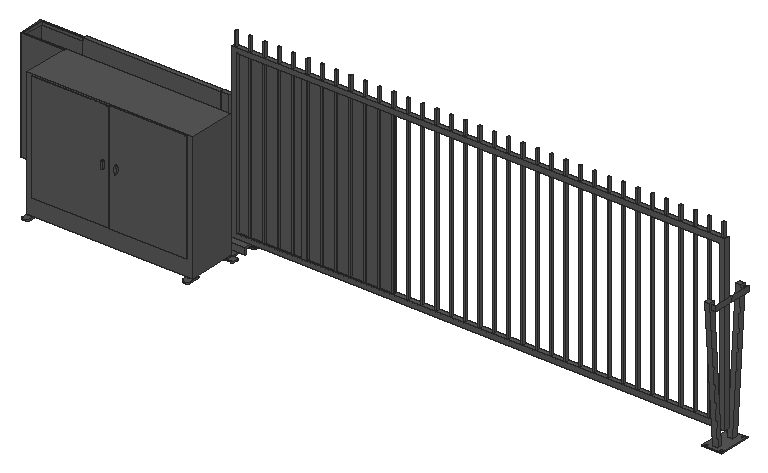
Revit family "1Construction_Fences-&-Traffic-Security_AutoGate_Buckeye-Pivot-Gates", category Specialty Equipment, Revit 2023
Family settings
  Round Connector Dimension = Use Diameter
  Part Type = Normal
  OmniClass Number = 23.25.40.21.21
  OmniClass Title = Gates
  Work Plane-Based = Yes
  Enable Cutting in Views = Yes
  Always vertical = Yes
  Cut with Voids When Loaded = No
  Maintain Annotation Orientation = No
  Shared = No
  Room Calculation Point = No
Parameters (values of type "Buckeye VPG with Finials")
  z_York Pad Clearance [instance] = and(Concrete Pad Min. Clearance, or(Yoke Option = 5, Yoke Option = 6, Yoke Option = 7))  # yes
  z_Yoke Pad 2 [instance] = if(Yoke Option = 5, 9.500", 5.500")  # 5.500"
  z_Yoke Pad 1 [instance] = if(Yoke Option = 5, 3.500", 7.500")  # 7.500"
  z_Vertical Profile Position [instance] = 1.250" + 5 * (z_Distance Between Poles + 0.750")  # 30.33088"
  z_Type Index = 2
  z_Pole Height [instance] = if(z_Type Index = 2, Height - 7.000", Height - 7.500")  # 73.000"
  z_FT Distance = if(z_Type Index = 1, 0.000", 5.500")  # 5.500"
  z_Distance Between Poles [instance] = (Length - 1.250" - 1.750" - 0.750" * (z_No of Poles - 2)) / (z_No of Poles - 1)  # 5.06618"
  z_No of Poles [instance] = rounddown((Length - 0.500" - 1.750") / 5.750") + 1  # 35
  z_Mesh End Position [instance] = 1.250" + 11 * (z_Distance Between Poles + 0.750")  # 65.22794"
  z_DI Finials Visibility = if(z_Type Index = 2, 1 = 1, 1 = 0)  # yes
  Yoke Options Note [instance] = "Hover over to see Yoke Options!\r\n0-None\r\n1-Style A – Post Mounted\r\n2-Style B – Post Mounted\r\n3-Style C – Offset Wall or Post Mounted\r\n4-Style D – Wall or Post Mounted\r\n5-Style DA5 – Pad Mounted\r\n6-Style E – Standard Pad Monted\r\n7-Style F – Gate Perpendicular to Wall\r\n8-Style G – Buried in the Ground\r\n9-Style H – Offset Wall or Post Mount \r\n10-Style Dual Split – Primary Reference – Used on 8” Plus Primary/Secondary Setups\r\n11-Style Dual Split – Secondary Reference – Used on 8” Plus Primary/Secondary Setups\r\n12-Style Dual Center – Used on shorter Primary/Secondary Setups"  # constant formula
  Yoke Option [instance] = 6
  Yoke Material [instance] = AutoGate - Steel - Powder Coated - Black
  Yoke [instance] = if(Yoke Option = 1, "Style A", if(Yoke Option = 2, "Style B", if(Yoke Option = 3, "Style C", if(Yoke Option = 4, "Style D", if(Yoke Option = 5, "Style DA5", if(Yoke Option = 6, "Style E", if(Yoke Option = 7, "Style F", if(Yoke Option = 8, "Style G", if(Yoke Option = 9, "Style H", if(Yoke Option = 10, "Style Dual Split - Primary Reference", if(Yoke Option = 11, "Style Dual Split - Secondary Reference", if(Yoke Option = 12, "Style Dual Center", "None"))))))))))))  # "Style E"
  Voltage [instance] = if([240VAC 1PH 20Amp], 240 V, 120 V)  # 120 V
  Version = 1  # constant formula
  URL = "https://www.autogate.com/"
  Righthand Gate [instance] = not(Lefthand Gate)  # no
  Rated Load Current [instance] = 20 A
  Product data url = "https://www.bimobject.com/en/autogate/product/buckeye-pivot-gates"
  Product Page URL = "https://www.autogate.com/vertical-pivot-gates/"
  Product Documentation Link = "https://www.itwredhead.com/portals/0/fmproductcatalog/documents/products/39/trubolttechnicaldata.pdf"
  Power Option [instance] = if([240VAC 1PH 20Amp], "240VAC 1PH 20Amp", "120VAC 1PH 20Amp")  # "120VAC 1PH 20Amp"
  Power Factor [instance] = 1
  Operator to Yoke Length [instance] = Length - 2.000" - 2.400"  # 195.600"
  Number of Poles [instance] = 1  # constant formula
  Model = if(z_Type Index = 1, "Buckeye - VPG Flat Top", "Buckeye - VPG with Finials")  # "Buckeye - VPG with Finials"
  Lefthand Gate [instance] = yes
  Keynote = "323100"  # constant formula
  Installation instructions = "https://www.itwredhead.com/portals/0/fmproductcatalog/documents/products/95/truboltsubmittal-1.pdf"
  Geometry Note [instance] = "Geometry is generic and used for presentation only. User should contact MFR to create geometry as per wishes and local standards. User should also consult factory for gates over 8’ high as they require special crating and freight arrangements."  # constant formula
  Gate Operator Side Note [instance] = "Hover over to see Gate Operator Side Options!\r\nOptions are:\r\n - Lefthand\r\n - Righthand\r\nPlease Select correct option based on specific situation, for every instance in the project.\r\nHave in mind that left/right side is always defined looking from the Private Side of the gate.\r\nOperator maintenance doors are away in the Private Side."  # constant formula
  Operator Type [instance] = if(Lefthand Gate, "Lefthand VPG2490", "Righthand VPG2490")  # "Lefthand VPG2490"
  Operator Material [instance] = AutoGate - Steel - Powder Coated - Black
  Min Gate Length [instance] = 120.000"  # constant formula
  Min Gate Height [instance] = 48.000"  # constant formula
  Max Gate Length [instance] = 300.000"  # constant formula
  Max Gate Height [instance] = 96.000"  # constant formula
  Length Input [instance] = 200.000"
  Length [instance] = if(Length Input < Min Gate Length, Min Gate Length, if(Length Input > Max Gate Length, Max Gate Length, Length Input))  # 200.000"
  Height Input [instance] = 80.000"
  Height [instance] = if(Height Input < Min Gate Height, Min Gate Height, if(Height Input > Max Gate Height, Max Gate Height, Height Input))  # 80.000"
  Gate Material [instance] = AutoGate - Steel - Powder Coated - Black
  Manufacturer = "AutoGate"  # constant formula
  Fence Post OD Input [instance] = 0.000"
  Fence Post OD [instance] = if(or(Yoke Option = 1, Yoke Option = 2), Fence Post OD Input, 0.000")  # 0.000"
  Description = "Buckeye Vertcal Pivot Gate"  # constant formula
  Default Elevation = 0.000"
  Date Updated = "-"  # constant formula
  Date Created = "2025/09/16"  # constant formula
  Concrete Pad Min. Clearance [instance] = yes
  Barrier Screen Material [instance] = AutoGate - Steel Screen - Powder Coated - Black
  Assembly Code = "G2040100"
  Apparent Load [instance] = 0 VA
  240VAC 1PH 20Amp [instance] = no
  120VAC 1PH 20Amp [instance] = not([240VAC 1PH 20Amp])  # yes
Reference planes (in)
  plane 1 "Center (Front/Back)": y = 0
  plane 2: z = 0
  plane 3 "Center (Left/Right)": x = 0
  plane 4: x = -100
  plane 5: x = 100
  plane 6: z = 5
  plane 7: x = -69.66912
  plane 8: x = 98.625
  plane 9 "delete": z = 90
  plane 10: x = -34.77206
  plane 11: z = -36
  plane 12: y = 9
  plane 13: y = -9
  plane 14: x = 105.5
  plane 15: x = 92.5
  plane 16: y = 9.474
  plane 17: x = -173.5925
  plane 18: x = -91.5925
  plane 19: y = -38.526
  plane 20 "H": z = 80
  plane 21: z = 7
  plane 22: z = 74.5
  plane 23: x = -99.5
  plane 24: x = 98.25
Forms (in)
  Sweep 1, solid, material "AutoGate - Steel - Powder Coated - Black" <- "Gate Material", detail levels medium+fine
    path origin (0, 0, 0) x (1, 0, 0) y (0, 0, 1)
      loop
        line (-69.66912, 72.5) -> (-69.66912, 7)
    profile origin (-69.66912, 0, 39.75) x (0, -1, 0) y (1, 0, 0)
      loop
        line (-1, 0) -> (-1, -2) -> (1, -2) -> (1, 0) -> (-1, 0)
  Extrusion 2, solid, material "AutoGate - Steel Screen - Powder Coated - Black" <- "Barrier Screen Material", detail levels medium+fine
    sketch origin (-116.90053, -180, -36) x (-1, 0, 0) y (0, -1, 0)
      loop
        line (-18.90053, -180) -> (-18.90053, -179.9) -> (-82.12847, -179.9) -> (-82.12847, -180) -> (-18.90053, -180)
    from 43 to 108.5
  Extrusion 3, solid, material "AutoGate - Steel - Powder Coated - Black" <- "Gate Material", detail levels coarse
    sketch origin (-106.3001, 0.375, 48) x (-1, 0, 0) y (0, 0, 1)
      loop
        line (-8.3001, 32) -> (-204.3001, 32) -> (-204.3001, -41) -> (-8.3001, -41) -> (-8.3001, 32)
    from -0.75 to 0
  Sweep 4, solid, material "AutoGate - Steel - Powder Coated - Black" <- "Gate Material"
    path origin (-106.3001, 0.375, 48) x (-1, 0, 0) y (0, 0, 1)
      loop
        line (-6.3001, 26.5) -> (-206.3001, 26.5) -> (-206.3001, -43) -> (-6.3001, -43) -> (-6.3001, 26.5)
    profile origin (0, 0.375, 74.5) x (0, 0, -1) y (0, 1, 0)
      loop
        line (0, -1.375) -> (2, -1.375) -> (2, 0.625) -> (0, 0.625) -> (0, -1.375)
Lines and regions (in)
  Masking region 1
    outline origin (-116.90053, -180, -36) x (-1, 0, 0) y (0, -1, 0)
      loop
        line (-216.90053, -181) -> (-16.90053, -181) -> (-16.90053, -179) -> (-216.90053, -179) -> (-216.90053, -181)
  Masking region 2, visible <- "z_DI Finials Visibility", detail levels coarse
    outline origin (-116.90053, -180, -36) x (-1, 0, 0) y (0, -1, 0)
      loop
        line (-17.40053, -180.375) -> (-17.40053, -179.625) -> (-215.90053, -179.625) -> (-215.90053, -180.375) -> (-17.40053, -180.375)
  model lines, style "AutoGate_Concrete Pad Clearance", visible <- "z_York Pad Clearance"
    curve 1: line (105.5, 9, 0) -> (92.5, 9, 0)
    curve 2: line (105.5, -9, 0) -> (105.5, 9, 0)
    curve 3: line (92.5, -9, 0) -> (105.5, -9, 0)
    curve 4: line (92.5, 9, 0) -> (92.5, -9, 0)
    curve 13: line (105.5, 9, -36) -> (92.5, 9, -36)
    curve 14: line (92.5, 9, -36) -> (92.5, -9, -36)
    curve 15: line (92.5, -9, -36) -> (105.5, -9, -36)
    curve 16: line (105.5, -9, -36) -> (105.5, 9, -36)
    curve 21: line (92.5, 9, 0) -> (92.5, 9, -36)
    curve 22: line (92.5, -9, -36) -> (92.5, -9, 0)
    curve 23: line (105.5, 9, 0) -> (105.5, 9, -36)
    curve 24: line (105.5, -9, -36) -> (105.5, -9, 0)
  model lines, style "AutoGate_Concrete Pad Clearance", visible <- "Concrete Pad Min. Clearance"
    curve 5: line (-91.5925, 9.474, 0) -> (-173.5925, 9.474, 0)
    curve 6: line (-173.5925, -38.526, 0) -> (-173.5925, 9.474, 0)
    curve 7: line (-91.5925, -38.526, 0) -> (-173.5925, -38.526, 0)
    curve 8: line (-91.5925, 9.474, 0) -> (-91.5925, -38.526, 0)
    curve 9: line (-91.5925, 9.474, -36) -> (-173.5925, 9.474, -36)
    curve 10: line (-173.5925, -38.526, -36) -> (-173.5925, 9.474, -36)
    curve 11: line (-91.5925, -38.526, -36) -> (-173.5925, -38.526, -36)
    curve 12: line (-91.5925, 9.474, -36) -> (-91.5925, -38.526, -36)
    curve 17: line (-173.5925, 9.474, 0) -> (-173.5925, 9.474, -36)
    curve 18: line (-173.5925, -38.526, 0) -> (-173.5925, -38.526, -36)
    curve 19: line (-91.5925, -38.526, 0) -> (-91.5925, -38.526, -36)
    curve 20: line (-91.5925, 9.474, 0) -> (-91.5925, 9.474, -36)
Dimensions and locks (in)
  equal spacing: plane 5, plane 3 "Center (Left/Right)", plane 4
  "Length": plane 5 to plane 4
  locked: plane 6 to plane 2 at 5
  "z_Vertical Profile Position": plane 7 to plane 4
  "z_Mesh End Position": plane 4 to plane 10
  locked: nested 2 to plane 1 "Center (Front/Back)" at 0.021
  nested 2 to nested 2 = 17.500"
  plane 2 to plane 11 = 36.000"
  locked: plane 16 to nested 2 at 3
  locked: plane 19 to plane 16 at 48
  locked: plane 17 to plane 18 at 82
  locked: plane 4 to plane 18 at 8.4075
  "z_Yoke Pad 1": plane 15 to plane 5
  "z_Yoke Pad 2": plane 5 to plane 14
  curve 3 to plane 1 "Center (Front/Back)" to curve 1 = 9.000" locked, 9.000" locked
  "Height": plane 20 "H" to plane 2
  locked: Extrusion 3 sketch curve to plane 4 at 2
  locked: plane 5 to Extrusion 3 sketch curve at 2
  Extrusion 3 to plane 1 "Center (Front/Back)" to Extrusion 3 = 0.375" locked, 0.375" locked
  locked: plane 1 "Center (Front/Back)" to Extrusion 2 sketch curve at 0.1
  locked: plane 21 to plane 2 at 7
  "z_FT Distance": plane 20 "H" to plane 22
  locked: plane 4 to Extrusion 2 sketch curve at 2
  locked: plane 22 to Extrusion 2 at 2
  locked: plane 22 to Sweep 1 sketch curve at 2
  locked: plane 4 to nested 2 at 2.4075
  locked: plane 4 to plane 23 at 0.5
  locked: plane 24 to plane 5 at 1.75
  equal spacing: group 1, group 3, group 4, group 5, group 6, group 7, group 8, group 9, group 10, group 11, group 12, group 13, group 14, group 15, group 16, group 17, group 18, group 19, group 20, group 21, group 22, group 23, group 24, group 25, group 26, group 27, group 28, group 29, group 30, group 31, group 32, group 33, group 34, group 69, group 2  (x3)
  locked: plane 4 to nested 37 at 0.5
  equal spacing: group 35, group 37, group 38, group 39, group 40, group 41, group 42, group 43, group 44, group 45, group 46, group 47, group 48, group 49, group 50, group 51, group 52, group 53, group 54, group 55, group 56, group 57, group 58, group 59, group 60, group 61, group 62, group 63, group 64, group 65, group 66, group 67, group 68, group 70, group 36  (x3)
  locked: nested 38 to plane 5 at 1
  locked: Masking region 2 sketch curve to plane 5 at 1
  locked: plane 4 to Masking region 2 sketch curve at 0.5
  aligned and locked: level to plane 2
  aligned and locked: plane 7 to Sweep 1 sketch curve
  aligned and locked: plane 1 "Center (Front/Back)" to nested 1
  aligned and locked: nested 1 to plane 5
  aligned and locked: nested 1 to plane 2
  aligned and locked: curve 2 to plane 14
  aligned and locked: curve 4 to plane 15
  aligned and locked: curve 5 to plane 16
  aligned and locked: curve 6 to plane 17
  aligned and locked: curve 7 to plane 19
  aligned and locked: curve 8 to plane 18
  aligned and locked: curve 9 to curve 5
  aligned and locked: curve 10 to plane 17
  aligned and locked: curve 11 to plane 19
  aligned and locked: curve 12 to plane 18
  aligned and locked: curve 13 to curve 1
  aligned and locked: curve 14 to curve 4
  aligned and locked: curve 15 to curve 3
  aligned and locked: curve 16 to curve 2
  aligned and locked: curve 17 to plane 16
  aligned and locked: curve 18 to plane 19
  aligned and locked: plane 19 to curve 19
  aligned and locked: plane 16 to curve 20
  aligned and locked: plane 12 to curve 21
  aligned and locked: curve 22 to plane 13
  aligned and locked: curve 23 to plane 12
  aligned and locked: curve 24 to plane 13
  aligned and locked: plane 10 to Extrusion 2
  aligned and locked: Sweep 4 sketch curve to plane 6
  aligned and locked: plane 4 to Sweep 4 sketch curve
  aligned and locked: Sweep 4 sketch curve to plane 5
  aligned and locked: plane 2 to nested 2
  aligned and locked: Extrusion 3 sketch curve to plane 21
  aligned and locked: Masking region 1 sketch curve to plane 4
  aligned and locked: plane 5 to Masking region 1 sketch curve
  aligned and locked: Sweep 4 sketch curve to plane 22
  aligned and locked: Extrusion 2 sketch curve to plane 10
  aligned and locked: plane 21 to Extrusion 2
  aligned and locked: plane 21 to Sweep 1 sketch curve
  aligned and locked: plane 1 "Center (Front/Back)" to nested 3
  aligned and locked: nested 3 to plane 21
  aligned and locked: nested 3 to plane 23
  aligned and locked: plane 1 "Center (Front/Back)" to nested 37
  aligned and locked: plane 1 "Center (Front/Back)" to nested 38
  aligned and locked: plane 24 to nested 4
  aligned and locked: nested 4 to plane 21
  aligned and locked: Extrusion 3 sketch curve to plane 20 "H"
Automatic sketch dimensions
  Sweep 1 sketch curve to profile plane = 0.000"
  Sweep 1 sketch curve to plane 1 "Center (Front/Back)" = 1.000"
  plane 1 "Center (Front/Back)" to Sweep 1 sketch curve = 1.000"
  Sweep 1 sketch curve to Sweep 1 sketch curve = 2.000"
  curve 17 to plane 11 = 0.000"
  curve 18 to plane 11 = 0.000"
  curve 18 to level = 0.000"
  curve 17 to level = 0.000"
  curve 19 to plane 11 = 0.000"
  curve 20 to plane 11 = 0.000"
  curve 20 to level = 0.000"
  curve 19 to level = 0.000"
  curve 21 to plane 11 = 0.000"
  curve 22 to plane 11 = 0.000"
  curve 22 to level = 0.000"
  curve 21 to level = 0.000"
  curve 23 to plane 11 = 0.000"
  curve 24 to plane 11 = 0.000"
  curve 24 to level = 0.000"
  curve 23 to level = 0.000"
  Extrusion 2 sketch curve to plane 1 "Center (Front/Back)" = 0.000"
  Sweep 4 sketch curve to profile plane = 0.000"
  Sweep 4 sketch curve to profile plane = 2.000"
  Sweep 4 sketch curve to profile plane = 1.375"
  profile plane to Sweep 4 sketch curve = 0.625"
  Masking region 1 sketch curve to plane 1 "Center (Front/Back)" = 1.000"
  plane 1 "Center (Front/Back)" to Masking region 1 sketch curve = 1.000"
  Masking region 2 sketch curve to plane 1 "Center (Front/Back)" = 0.375"
  plane 1 "Center (Front/Back)" to Masking region 2 sketch curve = 0.375"
Nested families (in)
  nested 1: "Yoke" at (100, 0, 0), Fence Post O.D. Input <- "Fence Post OD", type "Yoke"
    with Halfback Out Dia 6.250", Halfback Offset 3.000", Halfback Length B 8.094", Halfback Length A 7.500", Halfback Dia 6.000", Fence Post O.D. Input 0.000", Fence Height 80.000"
  nested 2: "Gate Operator" at (-97.5925, -23.956, 0), type "Gate Operator"
    with z_Std Gate Guard no, z_NonStd Gate Guard yes, Gate Height 80.000", Gate Guard 17.500"
  nested 3: "Pole" at (-99.5, 0, 7), type "Pole"
    with Height 73.000"
  nested 4: "Pole" at (98.25, 0, 7), type "Pole"
    with Height 73.000"
  nested 5: "Pole" at (-93.68382, 0, 7), type "Pole"
    with Height 73.000"
  nested 6: "Pole" at (-87.86765, 0, 7), type "Pole"
    with Height 73.000"
  nested 7: "Pole" at (-82.05147, 0, 7), type "Pole"
    with Height 73.000"
  nested 8: "Pole" at (-76.23529, 0, 7), type "Pole"
    with Height 73.000"
  nested 9: "Pole" at (-70.41912, 0, 7), type "Pole"
    with Height 73.000"
  nested 10: "Pole" at (-64.60294, 0, 7), type "Pole"
    with Height 73.000"
  nested 11: "Pole" at (-58.78676, 0, 7), type "Pole"
    with Height 73.000"
  nested 12: "Pole" at (-52.97059, 0, 7), type "Pole"
    with Height 73.000"
  nested 13: "Pole" at (-47.15441, 0, 7), type "Pole"
    with Height 73.000"
  nested 14: "Pole" at (-41.33824, 0, 7), type "Pole"
    with Height 73.000"
  nested 15: "Pole" at (-35.52206, 0, 7), type "Pole"
    with Height 73.000"
  nested 16: "Pole" at (-29.70588, 0, 7), type "Pole"
    with Height 73.000"
  nested 17: "Pole" at (-23.88971, 0, 7), type "Pole"
    with Height 73.000"
  nested 18: "Pole" at (-18.07353, 0, 7), type "Pole"
    with Height 73.000"
  nested 19: "Pole" at (-12.25735, 0, 7), type "Pole"
    with Height 73.000"
  nested 20: "Pole" at (-6.44118, 0, 7), type "Pole"
    with Height 73.000"
  nested 21: "Pole" at (-0.625, 0, 7), type "Pole"
    with Height 73.000"
  nested 22: "Pole" at (5.19118, 0, 7), type "Pole"
    with Height 73.000"
  nested 23: "Pole" at (11.00735, 0, 7), type "Pole"
    with Height 73.000"
  nested 24: "Pole" at (16.82353, 0, 7), type "Pole"
    with Height 73.000"
  nested 25: "Pole" at (22.63971, 0, 7), type "Pole"
    with Height 73.000"
  nested 26: "Pole" at (28.45588, 0, 7), type "Pole"
    with Height 73.000"
  nested 27: "Pole" at (34.27206, 0, 7), type "Pole"
    with Height 73.000"
  nested 28: "Pole" at (40.08824, 0, 7), type "Pole"
    with Height 73.000"
  nested 29: "Pole" at (45.90441, 0, 7), type "Pole"
    with Height 73.000"
  nested 30: "Pole" at (51.72059, 0, 7), type "Pole"
    with Height 73.000"
  nested 31: "Pole" at (57.53676, 0, 7), type "Pole"
    with Height 73.000"
  nested 32: "Pole" at (63.35294, 0, 7), type "Pole"
    with Height 73.000"
  nested 33: "Pole" at (69.16912, 0, 7), type "Pole"
    with Height 73.000"
  nested 34: "Pole" at (74.98529, 0, 7), type "Pole"
    with Height 73.000"
  nested 35: "Pole" at (80.80147, 0, 7), type "Pole"
    with Height 73.000"
  nested 36: "Pole" at (86.61765, 0, 7), type "Pole"
    with Height 73.000"
  nested 37: "DI" at (-99.5, 0, -36), type "DI", detail levels medium+fine
  nested 38: "DI" at (98.25, 0, -36), type "DI", detail levels medium+fine
  nested 39: "DI" at (-93.68382, 0, -36), type "DI", detail levels medium+fine
  nested 40: "DI" at (-87.86765, 0, -36), type "DI", detail levels medium+fine
  nested 41: "DI" at (-82.05147, 0, -36), type "DI", detail levels medium+fine
  nested 42: "DI" at (-76.23529, 0, -36), type "DI", detail levels medium+fine
  nested 43: "DI" at (-70.41912, 0, -36), type "DI", detail levels medium+fine
  nested 44: "DI" at (-64.60294, 0, -36), type "DI", detail levels medium+fine
  nested 45: "DI" at (-58.78676, 0, -36), type "DI", detail levels medium+fine
  nested 46: "DI" at (-52.97059, 0, -36), type "DI", detail levels medium+fine
  nested 47: "DI" at (-47.15441, 0, -36), type "DI", detail levels medium+fine
  nested 48: "DI" at (-41.33824, 0, -36), type "DI", detail levels medium+fine
  nested 49: "DI" at (-35.52206, 0, -36), type "DI", detail levels medium+fine
  nested 50: "DI" at (-29.70588, 0, -36), type "DI", detail levels medium+fine
  nested 51: "DI" at (-23.88971, 0, -36), type "DI", detail levels medium+fine
  nested 52: "DI" at (-18.07353, 0, -36), type "DI", detail levels medium+fine
  nested 53: "DI" at (-12.25735, 0, -36), type "DI", detail levels medium+fine
  nested 54: "DI" at (-6.44118, 0, -36), type "DI", detail levels medium+fine
  nested 55: "DI" at (-0.625, 0, -36), type "DI", detail levels medium+fine
  nested 56: "DI" at (5.19118, 0, -36), type "DI", detail levels medium+fine
  nested 57: "DI" at (11.00735, 0, -36), type "DI", detail levels medium+fine
  nested 58: "DI" at (16.82353, 0, -36), type "DI", detail levels medium+fine
  nested 59: "DI" at (22.63971, 0, -36), type "DI", detail levels medium+fine
  nested 60: "DI" at (28.45588, 0, -36), type "DI", detail levels medium+fine
  nested 61: "DI" at (34.27206, 0, -36), type "DI", detail levels medium+fine
  nested 62: "DI" at (40.08824, 0, -36), type "DI", detail levels medium+fine
  nested 63: "DI" at (45.90441, 0, -36), type "DI", detail levels medium+fine
  nested 64: "DI" at (51.72059, 0, -36), type "DI", detail levels medium+fine
  nested 65: "DI" at (57.53676, 0, -36), type "DI", detail levels medium+fine
  nested 66: "DI" at (63.35294, 0, -36), type "DI", detail levels medium+fine
  nested 67: "DI" at (69.16912, 0, -36), type "DI", detail levels medium+fine
  nested 68: "DI" at (74.98529, 0, -36), type "DI", detail levels medium+fine
  nested 69: "DI" at (80.80147, 0, -36), type "DI", detail levels medium+fine
  nested 70: "DI" at (86.61765, 0, -36), type "DI", detail levels medium+fine
  nested 71: "Pole" at (92.43382, 0, 7), type "Pole"
    with Height 73.000"
  nested 72: "DI" at (92.43382, 0, -36), type "DI", detail levels medium+fine
Connectors (in)
  electrical at (-164.7675, -14.206, 26.4637), driven by "Number of Poles", driven by "Voltage", driven by "Power Factor", driven by "Apparent Load"
    settings: on nested 2, index 1, voltage 120 V, apparent load 0 VA, apparent load phase1 0 VA, apparent load phase2 0 VA, apparent load phase3 0 VA, power factor 1, load classification "Power", number of poles 1, system type 31, power factor state 1, is connector primary yes, connector utility no, sub classification motor no, connector description "Power"
Definition of nested family "Yoke"
  Parameters (values of type "Yoke")
    Void Bottom G = if(Type_Index = 8, 0.000", 3.000")  # 3.000"
    Void E_F_G = if(or(Type_Index = 6, Type_Index = 7, Type_Index = 8, Type_Index = 6), 0.250", 0.000")  # 0.250"
    Void DA5 = if(Type_Index = 5, 0.250", 0.000")  # 0.000"
    Void D = if(Type_Index = 4, 2.500", 1.000")  # 1.000"
    Void Bottom = if(or(Type_Index = 6, Type_Index = 7, Type_Index = 8), 4.000", if(Type_Index = 8, 2.000", 0.000"))  # 4.000"
    Top Br Offset B_F = if(Type_Index = 7, 5.131", 5.250")  # 5.250"
    Top Br B_F = if(or(Type_Index = 2, Type_Index = 7), 1 = 1, 1 = 0)  # no
    Top Br A_D_DA5_E_G = if(or(Type_Index = 1, Type_Index = 4, Type_Index = 5, Type_Index = 6, Type_Index = 8), 1 = 1, 1 = 0)  # yes
    Post R-F = if(Type_Index = 7, 1 = 1, 1 = 0)  # no
    Post R = if(or(Type_Index = 1, Type_Index = 4, Type_Index = 5, Type_Index = 6, Type_Index = 8), 1 = 1, 1 = 0)  # yes
    Halfback Out Dia [instance] = if(A, Halfback Dia + 0.220", Halfback Dia + 0.250")  # 6.250"
    H = if(Type_Index = 9, 1 = 1, 1 = 0)  # no
    Post L = if(or(Type_Index = 0, Type_Index = 10, Type_Index > 9), 1 = 0, 1 = 1)  # yes
    Halfback Length B [instance] = Halfback Dia + 2.094"  # 8.094"
    Halfback Length A [instance] = Halfback Dia + 1.500"  # 7.500"
    G = if(Type_Index = 8, 1 = 1, 1 = 0)  # no
    F = if(Type_Index = 7, 1 = 1, 1 = 0)  # no
    E = if(Type_Index = 6, 1 = 1, 1 = 0)  # yes
    DS_P = if(Type_Index = 11, 1 = 1, 1 = 0)  # no
    DS_S = if(Type_Index = 10, 1 = 1, 1 = 0)  # no
    DC_DS = or(DS_S, DC, DS_P)  # no
    DC = if(Type_Index = 12, 1 = 1, 1 = 0)  # no
    B = if(Type_Index = 2, 1 = 1, 1 = 0)  # no
    Halfback Offset [instance] = Halfback Dia / 2  # 3.000"
    A = if(Type_Index = 1, 1 = 1, 1 = 0)  # no
    DA5 = if(Type_Index = 5, 1 = 1, 1 = 0)  # no
    Bottom Plate Offset = if(Type_Index = 5, 1.000", if(or(Type_Index = 6, Type_Index = 7), 5.000", 0.000"))  # 5.000"
    Bottom Plate = if(or(Type_Index = 5, Type_Index = 6, Type_Index = 7), 1 = 1, 1 = 0)  # yes
    C = if(Type_Index = 3, 1 = 1, 1 = 0)  # no
    Bottom Br A_D_DA5 = if(or(Type_Index = 1, Type_Index = 4, Type_Index = 5), 1 = 1, 1 = 0)  # no
    Halfback Dia [instance] = if(and(A, Fence Post O.D. Input < 2.000"), 2.000", if(and(A, Fence Post O.D. Input > 8.000"), 8.000", if(A, Fence Post O.D. Input, if(and(B, Fence Post O.D. Input < 2.000"), 2.020", if(and(B, Fence Post O.D. Input > 8.000"), 8.020", if(B, Fence Post O.D. Input + 0.020", 6.000"))))))  # 6.000"
    Type_Index = 6
    Material = none
    Fence Post O.D. Input [instance] = 0.000"
    Fence Height = 84.000"
    Default Elevation = 0.000"
  Reference planes (in)
    plane 1 "Center (Front/Back)": y = 0
    plane 2: z = 0
    plane 3 "Center (Left/Right)": x = 0
    plane 4: z = 54.5
    plane 5: x = -2
    plane 6: z = 0.25
    plane 7: x = -4
    plane 8: x = -6
    plane 9: z = 54
    plane 10: z = 52
    plane 11: y = -8.25
    plane 12: y = 8.25
    plane 13: x = 2
    plane 14: z = 9
    plane 15: z = 11
    plane 16: y = -5.25
    plane 17: y = 5.25
    plane 18: x = 5
    plane 19: y = 3.75
    plane 20: y = -3.75
    plane 21: z = 54.125
    plane 22: z = 51.875
    plane 23: z = 11.125
    plane 24: z = 8.875
    plane 25: y = -4.949
    plane 26: x = 1.5
    plane 27: x = 1.75
    plane 28: y = 8.25
    plane 29: x = 4.047
    plane 30: x = -4.047
    plane 31: x = 1
    plane 32: x = 2
    plane 33: x = 4
    plane 34: x = 2.875
    plane 35: x = 3.125
    plane 36: z = 0
    plane 37: z = -0.25
    plane 38: x = -5
    plane 39: z = 0.25
    plane 40: z = 0
    plane 41: z = 0.5
    plane 42: x = -3
    plane 43: x = -5
    plane 44: z = -36
    plane 45: z = 5
    plane 46: z = 44.5
    plane 47: z = 84
    plane 48: z = 35.69506
    plane 49: z = 33.29506
    plane 50: z = 53.30494
    plane 51: z = 55.70494
    plane 52: z = 62.5
    plane 53: z = 26.5
    plane 54: z = 12.875
    plane 55: z = 76.125
  Forms (in)
    Extrusion 1, solid, material <- "Material", visible <- "Post L"
      sketch origin (0, 0, 0) x (0, 1, 0) y (0, 0, 1)
        loop
          line (-6.73765, 54.5) -> (-8.73277, 54.36049) -> (-4.949, 0.25) -> (-2.94412, 0.25) -> (-6.73765, 54.5)
      from -2 to 0
    Extrusion 2, solid, material <- "Material", visible <- "Post R"
      sketch origin (0, 0, 0) x (0, -1, 0) y (0, 0, -1)
        loop
          line (-6.73808, -54.5) -> (-2.94455, -0.25) -> (-4.94944, -0.25) -> (-8.73321, -54.36049) -> (-6.73808, -54.5)
      from -2 to 0
    Extrusion 3, void
      sketch origin (0, 0, 0) x (0, 1, 0) y (0, 0, 1)
        loop
          line (-3.28646, 5.13951) -> (-5.28159, 5) -> (-5.28159, 0) -> (5.28159, 0) -> (5.28159, 5) -> (3.28646, 5.13951) -> (-3.28646, 5.13951)
      from -4 to -6
    Extrusion 4, solid, material <- "Material", visible <- "Top Br A_D_DA5_E_G"
      sketch origin (0, 0, 0) x (1, 0, 0) y (0, 1, 0)
        loop
          line (0, -8) -> (0, -8.25) -> (2, -8.25) -> (2, 0) -> (2, 8.25) -> (0, 8.25) -> (0, 8) -> (1.75, 8) -> (1.75, 0) -> (1.75, -8) -> (0, -8)
      from 52 to 54
    Extrusion 5, solid, material <- "Material", visible <- "Bottom Br A_D_DA5"
      sketch origin (0, 0, 0) x (1, 0, 0) y (0, 1, 0)
        loop
          line (0, -5) -> (0, -5.25) -> (2, -5.25) -> (2, 0) -> (2, 5.25) -> (0, 5.25) -> (0, 5) -> (1.75, 5) -> (1.75, 0) -> (1.75, -5) -> (0, -5)
      from 9 to 11
    Extrusion 6, solid, material <- "Material", visible <- "A"
      sketch origin (0, 0, 0) x (1, 0, 0) y (0, 1, 0)
        loop
          line (4.72637, 2.9766) -> (4.72637, 3.75) -> (4.63262, 3.75) -> (4.63262, 3.0898)
          arc (4.63262, 3.0898) -> (1.97537, 0) -> (4.63262, -3.0898) r 3.125
          line (4.63262, -3.0898) -> (4.63262, -3.75) -> (4.72637, -3.75) -> (4.72637, -2.9766)
          arc (4.72637, -2.9766) -> (2.10037, 0) -> (4.72637, 2.9766) r 3
        loop
          line (5.27363, -2.9766) -> (5.27363, -3.75) -> (5.36738, -3.75) -> (5.36738, -3.0898)
          arc (5.36738, -3.0898) -> (8.02463, 0) -> (5.36738, 3.0898) r 3.125
          line (5.36738, 3.0898) -> (5.36738, 3.75) -> (5.27363, 3.75) -> (5.27363, 2.9766)
          arc (5.27363, 2.9766) -> (7.89963, 0) -> (5.27363, -2.9766) r 3
      from 51.875 to 54.125
    Extrusion 7, solid, material <- "Material", visible <- "A"
      sketch origin (0, 0, -20) x (1, 0, 0) y (0, 1, 0)
        loop
          line (4.72637, 2.9766) -> (4.72637, 3.75) -> (4.63262, 3.75) -> (4.63262, 3.0898)
          arc (4.63262, 3.0898) -> (1.97537, 0) -> (4.63262, -3.0898) r 3.125
          line (4.63262, -3.0898) -> (4.63262, -3.75) -> (4.72637, -3.75) -> (4.72637, -2.9766)
          arc (4.72637, -2.9766) -> (2.10037, 0) -> (4.72637, 2.9766) r 3
        loop
          line (5.27363, -2.9766) -> (5.27363, -3.75) -> (5.36738, -3.75) -> (5.36738, -3.0898)
          arc (5.36738, -3.0898) -> (8.02463, 0) -> (5.36738, 3.0898) r 3.125
          line (5.36738, 3.0898) -> (5.36738, 3.75) -> (5.27363, 3.75) -> (5.27363, 2.9766)
          arc (5.27363, 2.9766) -> (7.89963, 0) -> (5.27363, -2.9766) r 3
      from 28.875 to 31.125
    Extrusion 8, solid, material <- "Material", visible <- "B"
      sketch origin (0, 0, 0) x (0, 1, 0) y (0, 0, 1)
        loop
          line (-1, 54) -> (-1, 9) -> (1, 9) -> (1, 54) -> (-1, 54)
      from 1.5 to 1.75
    Extrusion 9, solid, material <- "Material", visible <- "Top Br B_F"
      sketch origin (0, 0, 0) x (1, 0, 0) y (0, 1, 0)
        loop
          line (0, -7.24946) -> (2, -7.24946) -> (2, 5.25) -> (0, 5.25) -> (0, 5) -> (1.75, 5) -> (1.75, -6.99946) -> (0, -6.99946) -> (0, -7.24946)
      from 52 to 54
    Extrusion 10, solid, material <- "Material", visible <- "B"
      sketch origin (0, 0, 0) x (1, 0, 0) y (0, 1, 0)
        loop
          line (0, -5.25) -> (2, -5.25) -> (2, 5.25) -> (0, 5.25) -> (0, 5) -> (1.75, 5) -> (1.75, -5) -> (0, -5) -> (0, -5.25)
      from 9 to 11
    Extrusion 11, solid, material <- "Material", visible <- "B"
      sketch origin (0, 0, 0) x (1, 0, 0) y (0, 1, 0)
        loop
          arc (3.06198, 8.74037) -> (0, 11.24094) -> (-3.06198, 8.74037) r 3.125
          line (-3.06198, 8.74037) -> (-4.047, 8.74037) -> (-4.047, 8.61537) -> (-2.95814, 8.61537)
          arc (-2.95814, 8.61537) -> (0, 11.11594) -> (2.95814, 8.61537) r 3
          line (2.95814, 8.61537) -> (4.047, 8.61537) -> (4.047, 8.74037) -> (3.06198, 8.74037)
        loop
          arc (-3.06176, 7.75963) -> (0, 5.26014) -> (3.06176, 7.75963) r 3.125
          line (3.06176, 7.75963) -> (4.047, 7.75963) -> (4.047, 7.88463) -> (2.95795, 7.88463)
          arc (2.95795, 7.88463) -> (0, 5.38514) -> (-2.95795, 7.88463) r 3
          line (-2.95795, 7.88463) -> (-4.047, 7.88463) -> (-4.047, 7.75963) -> (-3.06176, 7.75963)
      from 51.875 to 54.125
    Extrusion 12, solid, material <- "Material", visible <- "B"
      sketch origin (0, 0, 0) x (1, 0, 0) y (0, 1, 0)
        loop
          arc (3.06198, 8.74037) -> (0, 11.24094) -> (-3.06198, 8.74037) r 3.125
          line (-3.06198, 8.74037) -> (-4.047, 8.74037) -> (-4.047, 8.61537) -> (-2.95814, 8.61537)
          arc (-2.95814, 8.61537) -> (0, 11.11594) -> (2.95814, 8.61537) r 3
          line (2.95814, 8.61537) -> (4.047, 8.61537) -> (4.047, 8.74037) -> (3.06198, 8.74037)
        loop
          arc (-3.06176, 7.75963) -> (0, 5.26014) -> (3.06176, 7.75963) r 3.125
          line (3.06176, 7.75963) -> (4.047, 7.75963) -> (4.047, 7.88463) -> (2.95795, 7.88463)
          arc (2.95795, 7.88463) -> (0, 5.38514) -> (-2.95795, 7.88463) r 3
          line (-2.95795, 7.88463) -> (-4.047, 7.88463) -> (-4.047, 7.75963) -> (-3.06176, 7.75963)
      from 8.875 to 11.125
    Extrusion 13, void
      sketch origin (0, 0, 0) x (0, 1, 0) y (0, 0, 1)
        loop
          circle (-0.49956, 53.5) r 0.1405
        loop
          circle (0.50044, 52.5) r 0.1405
        loop
          circle (-0.49956, 10.5) r 0.1405
        loop
          circle (0.50044, 9.5) r 0.1405
      from 0 to 1
    Extrusion 14, solid, material <- "Material", visible <- "DA5"
      sketch origin (0, 0, 0) x (0, 1, 0) y (0, 0, 1)
        loop
          line (-6.73765, 54.5) -> (-8.73277, 54.36049) -> (-5.28115, 5.00003) -> (-3.28603, 5.13954) -> (-6.73765, 54.5)
        loop
          line (6.73765, 54.5) -> (3.28603, 5.13954) -> (5.28115, 5.00003) -> (8.73277, 54.36049) -> (6.73765, 54.5)
      from 2 to 4
    Extrusion 15, solid, material <- "Material", visible <- "DA5"
      sketch origin (0, 0, 0) x (1, 0, 0) y (0, 1, 0)
        loop
          line (2, -8) -> (0.25, -8) -> (0.25, 0) -> (0.25, 8) -> (2, 8) -> (2, 8.25) -> (0, 8.25) -> (0, 0) -> (0, -8.25) -> (2, -8.25) -> (2, -8)
      from 52 to 54
    Extrusion 16, solid, material <- "Material", visible <- "DA5"
      sketch origin (0, 0, 0) x (1, 0, 0) y (0, 1, 0)
        loop
          line (2, -5) -> (0.25, -5) -> (0.25, 0) -> (0.25, 5) -> (2, 5) -> (2, 5.25) -> (0, 5.25) -> (0, 0) -> (0, -5.25) -> (2, -5.25) -> (2, -5)
      from 9 to 11
    Extrusion 17, solid, material <- "Material", visible <- "DA5"
      sketch origin (0, 0, 0) x (1, 0, 0) y (0, 1, 0)
        loop
          arc (2.375, 1.99746) -> (2.10983, 1.88762) -> (2, 1.62246) r 0.375
          line (2, 1.62246) -> (2, -1.62246)
          arc (2, -1.62246) -> (2.10983, -1.88762) -> (2.375, -1.99746) r 0.375
          line (2.375, -1.99746) -> (3.625, -1.99746)
          arc (3.625, -1.99746) -> (3.89017, -1.88762) -> (4, -1.62246) r 0.375
          line (4, -1.62246) -> (4, 1.62246)
          arc (4, 1.62246) -> (3.89017, 1.88762) -> (3.625, 1.99746) r 0.375
          line (3.625, 1.99746) -> (2.375, 1.99746)
      from 0.25 to 54.5
    Extrusion 18, solid, material <- "Material", visible <- "Bottom Plate"
      sketch origin (0, 0, 0) x (1, 0, 0) y (0, 1, 0)
        loop
          line (3, 6.5) -> (-5, 6.5) -> (-5, -6.5) -> (3, -6.5) -> (3, 6.5)
      from 0 to 0.25
    Extrusion 19, solid, material <- "Material", visible <- "DA5"
      sketch origin (0, 0, 0) x (0, 1, 0) y (0, 0, 1)
        loop
          line (-2, 4.5) -> (-4.25, 2.25) -> (-4.25, 0.25) -> (-2, 0.25) -> (-2, 4.5)
        loop
          line (4.25, 0.25) -> (4.25, 2.25) -> (2, 4.5) -> (2, 0.25) -> (4.25, 0.25)
      from 2.875 to 3.125
    Extrusion 20, void
      sketch origin (0, 0, 0) x (1, 0, 0) y (0, 1, 0)
        loop
          circle (0, 0) r 0.3125
        loop
          circle (6, 0) r 0.3125
        loop
          circle (3, 5.5) r 0.3125
        loop
          circle (3, -5.5) r 0.3125
      from -0.25 to 0
    Extrusion 21, void
      sketch origin (0, 0, 0) x (1, 0, 0) y (0, 1, 0)
        loop
          circle (-4, 5.5) r 0.406
        loop
          circle (2, 5.5) r 0.406
        loop
          circle (2, -5.5) r 0.406
        loop
          circle (-4, -5.5) r 0.406
      from 0 to 0.25
    Extrusion 22, solid, material <- "Material", visible <- "Post R-F"
      sketch origin (0, 0, 0) x (0, 1, 0) y (0, 0, 1)
        loop
          line (4.00044, 54.5) -> (4.00044, 0.25) -> (6.00044, 0.25) -> (6.00044, 54.5) -> (4.00044, 54.5)
      from -2 to 0
    Extrusion 23, solid, material <- "Material", visible <- "H"
      sketch origin (0, 0, 0) x (0, 1, 0) y (0, 0, 1)
        loop
          line (4.00044, 54) -> (4.00044, 9) -> (6.00044, 9) -> (6.00044, 54) -> (4.00044, 54)
      from 1.5 to 1.75
    Extrusion 24, solid, material <- "Material", visible <- "H"
      sketch origin (0, 0, 0) x (1, 0, 0) y (0, 1, 0)
        loop
          line (0, -7.25) -> (2, -7.25) -> (2, 9.25) -> (-2.25, 9.25) -> (-2.25, 9) -> (1.75, 9) -> (1.75, -7) -> (0, -7) -> (0, -7.25)
      from 52 to 54
    Extrusion 25, solid, material <- "Material", visible <- "H"
      sketch origin (0, 0, 0) x (1, 0, 0) y (0, 1, 0)
        loop
          line (-2.25, 9) -> (1.75, 9) -> (1.75, -5) -> (0, -5) -> (0, -5.25) -> (2, -5.25) -> (2, 9.25) -> (-2.25, 9.25) -> (-2.25, 9)
      from 9 to 11
    Extrusion 26, void
      sketch origin (0, 0, 0) x (0, 1, 0) y (0, 0, 1)
        loop
          line (-5.25, 0) -> (5.25, 0) -> (5.25, 0.5) -> (-5.25, 0.5) -> (-5.25, 0)
      from -5 to -3
    Extrusion 27, solid, material <- "Material", visible <- "G"
      sketch origin (0, 0, 0) x (0, 1, 0) y (0, 0, 1)
        loop
          line (5.25, 0.5) -> (-5.25, 0.5) -> (-5.25, 0) -> (5.25, 0) -> (5.25, 0.5)
      from -5 to -3
    Extrusion 28, solid, material <- "Material", visible <- "G"
      sketch origin (0, 0, 0) x (1, 0, 0) y (0, 1, 0)
        loop
          line (-5, 1) -> (-5, -1) -> (0, -1) -> (0, 1) -> (-5, 1)
      from -36 to 0
    Extrusion 29, solid, material <- "Material", visible <- "G"
      sketch origin (0, 0, 0) x (0, 1, 0) y (0, 0, 1)
        loop
          line (-3.99956, -28.73012) -> (-3.99956, -29.48012) -> (4.00044, -29.48012) -> (4.00044, -28.73012) -> (-3.99956, -28.73012)
      from -5.75 to -5
    Extrusion 30, solid, material <- "Material", visible <- "C"
      sketch origin (0, 0, 0) x (1, 0, 0) y (0, 1, 0)
        loop
          line (0, -7.24999) -> (2, -7.24999) -> (2, 4.75) -> (6, 4.75) -> (6, 5) -> (1.75, 5) -> (1.75, -6.99999) -> (0, -6.99999) -> (0, -7.24999)
      from 52 to 54
    Extrusion 31, solid, material <- "Material", visible <- "C"
      sketch origin (0, 0, 0) x (1, 0, 0) y (0, 1, 0)
        loop
          line (2, 4.75) -> (6, 4.75) -> (6, 5) -> (1.75, 5) -> (1.75, -5) -> (0, -5) -> (0, -5.25) -> (2, -5.25) -> (2, 4.75)
      from 9 to 11
    Extrusion 32, solid, material <- "Material", visible <- "DC"
      sketch origin (0, 0, 0) x (1, 0, 0) y (0, 1, 0)
        loop
          line (1.6, 3.25) -> (0, 3.25) -> (0, -3.25) -> (1.6, -3.25) -> (1.6, -3.05) -> (0.2, -3.05) -> (0.2, 3.05) -> (1.6, 3.05) -> (1.6, 3.25)
      from 33.29506 to 35.69506
    Extrusion 33, solid, material <- "Material", visible <- "DC"
      sketch origin (0, 0, 0) x (1, 0, 0) y (0, 1, 0)
        loop
          line (-3.4, 3.25) -> (-5, 3.25) -> (-5, -3.25) -> (-3.4, -3.25) -> (-3.4, -3.05) -> (-4.8, -3.05) -> (-4.8, 3.05) -> (-3.4, 3.05) -> (-3.4, 3.25)
      from 53.30494 to 55.70494
    Sweep 34, solid, material <- "Material", visible <- "DC"
      path origin (0, 0, 0) x (0, 1, 0) y (0, 0, 1)
        loop
          line (4.52916, 62.5) -> (3.05, 56.5) -> (3.05, 32.5) -> (4.52916, 26.5)
      profile origin (0, 3.05, 44.5) x (1, 0, 0) y (0, 1, 0)
        loop
          line (3.2, 0) -> (3.2, 0.875) -> (3.1, 0.875) -> (3.1, 0.1) -> (1.7, 0.1) -> (1.7, 0.875) -> (1.6, 0.875) -> (1.6, 0) -> (3.2, 0)
    Sweep 35, solid, material <- "Material", visible <- "DC"
      path origin (0, 0, 0) x (0, 1, 0) y (0, 0, 1)
        loop
          line (-4.52916, 62.5) -> (-3.05, 56.5) -> (-3.05, 32.5) -> (-4.52916, 26.5)
      profile origin (0, -3.05, 44.5) x (1, 0, 0) y (0, 1, 0)
        loop
          line (3.2, 0) -> (1.6, 0) -> (1.6, -0.875) -> (1.7, -0.875) -> (1.7, -0.1) -> (3.1, -0.1) -> (3.1, -0.875) -> (3.2, -0.875) -> (3.2, 0)
    Extrusion 36, solid, material <- "Material", visible <- "DS_S"
      sketch origin (0, 0, 0) x (1, 0, 0) y (0, 1, 0)
        loop
          line (1.6, 3.25) -> (0, 3.25) -> (0, -3.25) -> (1.6, -3.25) -> (1.6, -3.05) -> (0.2, -3.05) -> (0.2, 3.05) -> (1.6, 3.05) -> (1.6, 3.25)
      from 11.275 to 14.475
    Sweep 37, solid, material <- "Material", visible <- "DS_S"
      path origin (0, 0, 0) x (0, 1, 0) y (0, 0, 1)
        loop
          line (4.30729, 20.75) -> (3.05, 15.65) -> (3.05, 10.1) -> (4.30729, 5)
      profile origin (0, 3.05, 12.875) x (1, 0, 0) y (0, 1, 0)
        loop
          line (1.6, 0) -> (3.2, 0) -> (3.2, 0.875) -> (3.1, 0.875) -> (3.1, 0.1) -> (1.7, 0.1) -> (1.7, 0.875) -> (1.6, 0.875) -> (1.6, 0)
    Sweep 38, solid, material <- "Material", visible <- "DS_S"
      path origin (0, 0, 0) x (0, 1, 0) y (0, 0, 1)
        loop
          line (-4.30729, 20.75) -> (-3.05, 15.65) -> (-3.05, 10.1) -> (-4.30729, 5)
      profile origin (0, -3.05, 12.875) x (1, 0, 0) y (0, 1, 0)
        loop
          line (1.6, -0.875) -> (1.7, -0.875) -> (1.7, -0.1) -> (3.1, -0.1) -> (3.1, -0.875) -> (3.2, -0.875) -> (3.2, 0) -> (1.6, 0) -> (1.6, -0.875)
    Extrusion 39, solid, material <- "Material", visible <- "DS_P"
      sketch origin (0, 0, 0) x (1, 0, 0) y (0, 1, 0)
        loop
          line (1.6, 3.25) -> (0, 3.25) -> (0, -3.25) -> (1.6, -3.25) -> (1.6, -3.05) -> (0.2, -3.05) -> (0.2, 3.05) -> (1.6, 3.05) -> (1.6, 3.25)
      from 74.525 to 77.725
    Sweep 40, solid, material <- "Material", visible <- "DS_P"
      path origin (0, 0, 0) x (0, 1, 0) y (0, 0, 1)
        loop
          line (4.30729, 68.25) -> (3.05, 73.35) -> (3.05, 78.9) -> (4.30729, 84)
      profile origin (0, 3.05, 76.125) x (0, -1, 0) y (1, 0, 0)
        loop
          line (-0.875, 3.2) -> (-0.875, 3.1) -> (-0.1, 3.1) -> (-0.1, 1.7) -> (-0.875, 1.7) -> (-0.875, 1.6) -> (0, 1.6) -> (0, 3.2) -> (-0.875, 3.2)
    Sweep 41, solid, material <- "Material", visible <- "DS_P"
      path origin (0, 0, 0) x (0, 1, 0) y (0, 0, 1)
        loop
          line (-4.30729, 68.25) -> (-3.05, 73.35) -> (-3.05, 78.9) -> (-4.30729, 84)
      profile origin (0, -3.05, 76.125) x (0, -1, 0) y (1, 0, 0)
        loop
          line (0.875, 1.6) -> (0.875, 1.7) -> (0.1, 1.7) -> (0.1, 3.1) -> (0.875, 3.1) -> (0.875, 3.2) -> (0, 3.2) -> (0, 1.6) -> (0.875, 1.6)
  Cuts and joins
    Extrusion 3, Extrusion 26 cuts Extrusion 1
    Extrusion 3, Extrusion 26 cuts Extrusion 2
    Extrusion 13 cuts Extrusion 4
    Extrusion 13 cuts Extrusion 5
    Extrusion 20, Extrusion 21 cuts Extrusion 18
  Lines and regions (in)
    Masking region 1, visible <- "Top Br A_D_DA5_E_G"
      outline origin (0, 0, 0) x (1, 0, 0) y (0, 1, 0)
        loop
          line (0, 8) -> (1.75, 8) -> (1.75, 0) -> (1.75, -8) -> (0, -8) -> (0, -8.25) -> (2, -8.25) -> (2, 0) -> (2, 8.25) -> (0, 8.25) -> (0, 8)
    Masking region 2, visible <- "Top Br A_D_DA5_E_G"
      outline origin (0, 0, 0) x (1, 0, 0) y (0, 1, 0)
        loop
          line (0, -5) -> (0, -5.25) -> (1.75, -5.25) -> (1.75, -5) -> (0, -5)
        loop
          line (1.75, 5) -> (1.75, 5.25) -> (0, 5.25) -> (0, 5) -> (1.75, 5)
    Masking region 3, visible <- "Post R"
      outline origin (0, 0, 0) x (1, 0, 0) y (0, 1, 0)
        loop
          line (-2, 8.73321) -> (-2, 6.73808) -> (0, 6.73808) -> (0, 8.73321) -> (-2, 8.73321)
    Masking region 4, visible <- "Post R"
      outline origin (0, 0, 0) x (1, 0, 0) y (0, 1, 0)
        loop
          line (-2, 3.28646) -> (0, 3.28646) -> (0, 6.73808) -> (-2, 6.73808) -> (-2, 3.28646)
    Masking region 5, visible <- "Post L"
      outline origin (0, 0, 0) x (1, 0, 0) y (0, 1, 0)
        loop
          line (-2, -8.73321) -> (0, -8.73321) -> (0, -6.73808) -> (-2, -6.73808) -> (-2, -8.73321)
    Masking region 6, visible <- "Post L"
      outline origin (0, 0, 0) x (1, 0, 0) y (0, 1, 0)
        loop
          line (0, -6.73808) -> (0, -3.28603) -> (-2, -3.28603) -> (-2, -6.73808) -> (0, -6.73808)
    Masking region 7, visible <- "A"
      outline origin (0, 0, 0) x (1, 0, 0) y (0, 1, 0)
        loop
          line (4.72637, 2.9766) -> (4.72637, 3.75) -> (4.63262, 3.75) -> (4.63262, 3.0898)
          arc (4.63262, 3.0898) -> (1.97537, 0) -> (4.63262, -3.0898) r 3.125
          line (4.63262, -3.0898) -> (4.63262, -3.75) -> (4.72637, -3.75) -> (4.72637, -2.9766)
          arc (4.72637, -2.9766) -> (2.10037, 0) -> (4.72637, 2.9766) r 3
        loop
          line (5.27363, -2.9766) -> (5.27363, -3.75) -> (5.36738, -3.75) -> (5.36738, -3.0898)
          arc (5.36738, -3.0898) -> (8.02463, 0) -> (5.36738, 3.0898) r 3.125
          line (5.36738, 3.0898) -> (5.36738, 3.75) -> (5.27363, 3.75) -> (5.27363, 2.9766)
          arc (5.27363, 2.9766) -> (7.89963, 0) -> (5.27363, -2.9766) r 3
    Masking region 8, visible <- "Top Br B_F"
      outline origin (0, 0, 0) x (1, 0, 0) y (0, 1, 0)
        loop
          line (0, -7.24946) -> (2, -7.24946) -> (2, 5.25) -> (0, 5.25) -> (0, 5) -> (1.75, 5) -> (1.75, -6.99946) -> (0, -6.99946) -> (0, -7.24946)
    Masking region 9, visible <- "B"
      outline origin (0, 0, 0) x (1, 0, 0) y (0, 1, 0)
        loop
          line (0, -5.25) -> (1.75, -5.25) -> (1.75, -5) -> (0, -5) -> (0, -5.25)
    Masking region 10, visible <- "B"
      outline origin (0, 0, 0) x (1, 0, 0) y (0, 1, 0)
        loop
          arc (3.06198, 8.74037) -> (0, 11.24094) -> (-3.06198, 8.74037) r 3.125
          line (-3.06198, 8.74037) -> (-4.047, 8.74037) -> (-4.047, 8.61537) -> (-2.95814, 8.61537)
          arc (-2.95814, 8.61537) -> (0, 11.11594) -> (2.95814, 8.61537) r 3
          line (2.95814, 8.61537) -> (4.047, 8.61537) -> (4.047, 8.74037) -> (3.06198, 8.74037)
        loop
          arc (-3.06176, 7.75963) -> (0, 5.26014) -> (3.06176, 7.75963) r 3.125
          line (3.06176, 7.75963) -> (4.047, 7.75963) -> (4.047, 7.88463) -> (2.95795, 7.88463)
          arc (2.95795, 7.88463) -> (0, 5.38514) -> (-2.95795, 7.88463) r 3
          line (-2.95795, 7.88463) -> (-4.047, 7.88463) -> (-4.047, 7.75963) -> (-3.06176, 7.75963)
    Masking region 11, visible <- "B"
      outline origin (0, 0, 0) x (1, 0, 0) y (0, 1, 0)
        loop
          line (1.5, 1) -> (1.5, -1) -> (1.75, -1) -> (1.75, 1) -> (1.5, 1)
    Masking region 12, visible <- "C"
      outline origin (0, 0, 0) x (1, 0, 0) y (0, 1, 0)
        loop
          line (0, -7.24999) -> (2, -7.24999) -> (2, 4.75) -> (6, 4.75) -> (6, 5) -> (1.75, 5) -> (1.75, -6.99999) -> (0, -6.99999) -> (0, -7.24999)
    Masking region 13, visible <- "C"
      outline origin (0, 0, 0) x (1, 0, 0) y (0, 1, 0)
        loop
          line (1.75, -5) -> (0, -5) -> (0, -5.25) -> (1.75, -5.25) -> (1.75, -5)
    Masking region 14, visible <- "DA5"
      outline origin (0, 0, 0) x (1, 0, 0) y (0, 1, 0)
        loop
          line (2, -8) -> (0.25, -8) -> (0.25, 0) -> (0.25, 8) -> (2, 8) -> (2, 8.25) -> (0, 8.25) -> (0, 0) -> (0, -8.25) -> (2, -8.25) -> (2, -8)
    Masking region 15, visible <- "DA5"
      outline origin (0, 0, 0) x (1, 0, 0) y (0, 1, 0)
        loop
          line (2, 8.73277) -> (2, 6.73765) -> (4, 6.73765) -> (4, 8.73277) -> (2, 8.73277)
        loop
          line (2, -8.73277) -> (4, -8.73277) -> (4, -6.73765) -> (2, -6.73765) -> (2, -8.73277)
        loop
          line (-1.125, 4.25) -> (-1.125, 2) -> (-0.875, 2) -> (-0.875, 4.25) -> (-1.125, 4.25)
        loop
          line (-0.875, -4.25) -> (-0.875, -2) -> (-1.125, -2) -> (-1.125, -4.25) -> (-0.875, -4.25)
    Masking region 16, visible <- "DA5"
      outline origin (0, 0, 0) x (1, 0, 0) y (0, 1, 0)
        loop
          line (4, 3.28603) -> (4, 6.73765) -> (2, 6.73765) -> (2, 3.28603) -> (4, 3.28603)
        loop
          line (4, -3.28603) -> (2, -3.28603) -> (2, -6.73765) -> (4, -6.73765) -> (4, -3.28603)
        loop
          arc (0, 1.62246) -> (-0.10983, 1.88762) -> (-0.375, 1.99746) r 0.375
          line (-0.375, 1.99746) -> (-1.625, 1.99746)
          arc (-1.625, 1.99746) -> (-1.89017, 1.88762) -> (-2, 1.62246) r 0.375
          line (-2, 1.62246) -> (-2, -1.62246)
          arc (-2, -1.62246) -> (-1.89017, -1.88762) -> (-1.625, -1.99746) r 0.375
          line (-1.625, -1.99746) -> (-0.375, -1.99746)
          arc (-0.375, -1.99746) -> (-0.10983, -1.88762) -> (0, -1.62246) r 0.375
          line (0, -1.62246) -> (0, 1.62246)
    Masking region 17, visible <- "H"
      outline origin (0, 0, 0) x (1, 0, 0) y (0, 1, 0)
        loop
          line (0, -7.25) -> (2, -7.25) -> (2, 9.25) -> (-2.25, 9.25) -> (-2.25, 9) -> (1.75, 9) -> (1.75, -7) -> (0, -7) -> (0, -7.25)
    Masking region 18, visible <- "H"
      outline origin (0, 0, 0) x (1, 0, 0) y (0, 1, 0)
        loop
          line (1.75, -5) -> (0, -5) -> (0, -5.25) -> (1.75, -5.25) -> (1.75, -5)
        loop
          line (1.5, 6.00044) -> (1.5, 4.00044) -> (1.75, 4.00044) -> (1.75, 6.00044) -> (1.5, 6.00044)
    Masking region 19, visible <- "DC_DS"
      outline origin (0, 0, 0) x (1, 0, 0) y (0, 1, 0)
        loop
          line (1.6, 3.25) -> (0, 3.25) -> (0, -3.25) -> (1.6, -3.25) -> (1.6, -3.05) -> (0.2, -3.05) -> (0.2, 3.05) -> (1.6, 3.05) -> (1.6, 3.25)
        loop
          line (1.6, 5.37873) -> (1.6, 4.52916) -> (3.2, 4.52916) -> (3.2, 5.37873) -> (3.1, 5.37873) -> (3.1, 4.62626) -> (1.7, 4.62626) -> (1.7, 5.37873) -> (1.6, 5.37873)
        loop
          line (1.6, -5.37873) -> (1.7, -5.37873) -> (1.7, -4.62626) -> (3.1, -4.62626) -> (3.1, -5.37873) -> (3.2, -5.37873) -> (3.2, -4.52916) -> (1.6, -4.52916) -> (1.6, -5.37873)
    Masking region 20, visible <- "DC_DS"
      outline origin (0, 0, 0) x (1, 0, 0) y (0, 1, 0)
        loop
          line (1.6, 4.52916) -> (1.6, 3.05) -> (3.2, 3.05) -> (3.2, 4.52916) -> (1.6, 4.52916)
        loop
          line (1.6, -3.05) -> (1.6, -4.52916) -> (3.2, -4.52916) -> (3.2, -3.05) -> (1.6, -3.05)
    Masking region 21, visible <- "G"
      outline origin (0, 0, 0) x (1, 0, 0) y (0, 1, 0)
        loop
          line (0, 1.00044) -> (0, 3.28646) -> (-2, 3.28646) -> (-2, 1.00044) -> (0, 1.00044)
        loop
          line (0, -1.00044) -> (-2, -1.00044) -> (-2, -3.28646) -> (0, -3.28646) -> (0, -1.00044)
    Masking region 22, visible <- "G"
      outline origin (0, 0, 0) x (1, 0, 0) y (0, 1, 0)
        loop
          line (-2.75, 1.00044) -> (-2, 1.00044) -> (-2, 4.00044) -> (-2.75, 4.00044) -> (-2.75, 1.00044)
        loop
          line (-2.75, -1.00044) -> (-2.75, -4.00044) -> (-2, -4.00044) -> (-2, -1.00044) -> (-2.75, -1.00044)
    Masking region 23, visible <- "F"
      outline origin (0, 0, 0) x (1, 0, 0) y (0, 1, 0)
        loop
          circle (-4, 5.5) r 0.406
        loop
          circle (-4, -5.5) r 0.406
        loop
          line (3, 6.5) -> (-5, 6.5) -> (-5, 1) -> (0, 1) -> (0, -1) -> (-5, -1) -> (-5, -6.5) -> (-2, -6.5) -> (-2, -3.28603) -> (0, -3.28603) -> (0, -6.5) -> (1.75, -6.5) -> (1.75, -5.8199)
          arc (1.75, -5.8199) -> (1.594, -5.5) -> (1.75, -5.1801) r 0.406
          line (1.75, -5.1801) -> (1.75, 4.881) -> (0, 4.881) -> (0, 4.00044) -> (-2, 4.00044) -> (-2, 6.00044) -> (0, 6.00044) -> (0, 5.131) -> (1.83066, 5.131)
          arc (1.83066, 5.131) -> (2.08667, 5.89664) -> (2, 5.094) r 0.406
          line (2, 5.094) -> (2, -5.094)
          arc (2, -5.094) -> (2.406, -5.5) -> (2, -5.906) r 0.406
          line (2, -5.906) -> (2, -6.5) -> (3, -6.5) -> (3, 6.5)
    Masking region 24, visible <- "F"
      outline origin (0, 0, 0) x (1, 0, 0) y (0, 1, 0)
        loop
          line (0, 6.00044) -> (-2, 6.00044) -> (-2, 4.00044) -> (0, 4.00044) -> (0, 6.00044)
    Masking region 25, visible <- "E"
      outline origin (0, 0, 0) x (1, 0, 0) y (0, 1, 0)
        loop
          line (-2, 6.5) -> (-5, 6.5) -> (-5, 1) -> (0, 1) -> (0, -1) -> (-5, -1) -> (-5, -6.5) -> (-2, -6.5) -> (-2, -3.28603) -> (0, -3.28603) -> (0, -5) -> (1.75, -5) -> (1.75, 5) -> (0, 5) -> (0, 3.28646) -> (-2, 3.28646) -> (-2, 6.5)
        loop
          line (0, 5.25) -> (1.6801, 5.25)
          arc (1.6801, 5.25) -> (1.59702, 5.54943) -> (1.75, 5.8199) r 0.406
          line (1.75, 5.8199) -> (1.75, 6.5) -> (0, 6.5) -> (0, 5.25)
        loop
          arc (2, 5.906) -> (2.406, 5.5) -> (2, 5.094) r 0.406
          line (2, 5.094) -> (2, -5.094)
          arc (2, -5.094) -> (2.406, -5.5) -> (2, -5.906) r 0.406
          line (2, -5.906) -> (2, -6.5) -> (3, -6.5) -> (3, 6.5) -> (2, 6.5) -> (2, 5.906)
        loop
          arc (1.75, -5.8199) -> (1.59702, -5.54943) -> (1.6801, -5.25) r 0.406
          line (1.6801, -5.25) -> (0, -5.25) -> (0, -6.5) -> (1.75, -6.5) -> (1.75, -5.8199)
        loop
          circle (-4, 5.5) r 0.406
        loop
          circle (-4, -5.5) r 0.406
    Masking region 26, visible <- "DA5"
      outline origin (0, 0, 0) x (1, 0, 0) y (0, 1, 0)
        loop
          line (2, -1.62246) -> (2, -6.5) -> (4, -6.5) -> (4, -1.62246)
          arc (4, -1.62246) -> (3.89017, -1.88762) -> (3.625, -1.99746) r 0.375
          line (3.625, -1.99746) -> (3.125, -1.99746) -> (3.125, -4.25) -> (2.875, -4.25) -> (2.875, -1.99746) -> (2.375, -1.99746)
          arc (2.375, -1.99746) -> (2.10983, -1.88762) -> (2, -1.62246) r 0.375
        loop
          circle (3, -5.5) r 0.3125
        loop
          line (0, -5.25) -> (0, -6.5) -> (1.75, -6.5) -> (1.75, -5.25) -> (0, -5.25)
        loop
          line (6, -5.25) -> (4.25, -5.25) -> (4.25, -6.5) -> (6, -6.5) -> (6, -5.25)
        loop
          line (0, 5) -> (0, 3.28646) -> (-1, 3.28646) -> (-1, 1) -> (0, 1) -> (0, 0.3125)
          arc (0, 0.3125) -> (0.3125, 0) -> (0, -0.3125) r 0.3125
          line (0, -0.3125) -> (0, -1) -> (-1, -1) -> (-1, -3.28603) -> (0, -3.28603) -> (0, -5) -> (1.75, -5) -> (1.75, 5) -> (0, 5)
        loop
          line (0, 6.5) -> (0, 5.25) -> (1.75, 5.25) -> (1.75, 6.5) -> (0, 6.5)
        loop
          arc (2, 1.62246) -> (2.10983, 1.88762) -> (2.375, 1.99746) r 0.375
          line (2.375, 1.99746) -> (2.875, 1.99746) -> (2.875, 4.25) -> (3.125, 4.25) -> (3.125, 1.99746) -> (3.625, 1.99746)
          arc (3.625, 1.99746) -> (3.89017, 1.88762) -> (4, 1.62246) r 0.375
          line (4, 1.62246) -> (4, 6.5) -> (2, 6.5) -> (2, 1.62246)
        loop
          circle (3, 5.5) r 0.3125
        loop
          circle (6, 0) r 0.3125
        loop
          line (4.25, 6.5) -> (4.25, 5.25) -> (6, 5.25) -> (6, 6.5) -> (4.25, 6.5)
        loop
          line (6, 5) -> (4.25, 5) -> (4.25, -5) -> (6, -5) -> (6, -3.28603) -> (7, -3.28603) -> (7, 3.28646) -> (6, 3.28646) -> (6, 5)
    Masking region 27, visible <- "DA5"
      outline origin (0, 0, 0) x (1, 0, 0) y (0, 1, 0)
        loop
          line (6, 5) -> (6, 5.25) -> (4.25, 5.25) -> (4.25, 5) -> (6, 5)
        loop
          line (6, -5) -> (4.25, -5) -> (4.25, -5.25) -> (6, -5.25) -> (6, -5)
  Dimensions and locks (in)
    locked: plane 4 to plane 2 at 54.5
    locked: plane 5 to plane 3 "Center (Left/Right)" at 2
    locked: plane 4 to Extrusion 1 sketch curve at 0.13951
    plane 1 "Center (Front/Back)" to Extrusion 2 sketch curve to Extrusion 2 sketch curve = 6.73808" locked, 1.99513" locked
    locked: plane 6 to plane 2 at 0.25
    "Void Bottom": plane 3 "Center (Left/Right)" to plane 7
    Extrusion 3 sketch curve to Extrusion 3 sketch curve to Extrusion 3 sketch curve to plane 2 = 0.13951" locked, 0.000" locked, 5.000" locked
    locked: plane 7 to plane 8 at 2
    locked: plane 4 to plane 9 at 0.5
    locked: plane 9 to plane 10 at 2
    plane 11 to plane 1 "Center (Front/Back)" to plane 12 = 8.250" locked, 8.250" locked
    locked: plane 3 "Center (Left/Right)" to plane 13 at 2
    locked: plane 14 to plane 2 at 9
    locked: plane 15 to plane 14 at 2
    plane 1 "Center (Front/Back)" to Extrusion 2 sketch curve to Extrusion 2 sketch curve = 2.94455" locked, 2.00488" locked
    equal spacing: plane 19, plane 1 "Center (Front/Back)", plane 20
    Extrusion 6 sketch curve to Extrusion 6 sketch curve to plane 18 to Extrusion 6 sketch curve to Extrusion 6 sketch curve = 0.09375" locked, 0.27363" locked, 0.27363" locked, 0.09375" locked  (x2)
    "Halfback Length A": plane 19 to plane 20
    "Halfback Offset": plane 13 to plane 18
    Extrusion 6 sketch curve to plane 18 to Extrusion 6 sketch curve = 0.10037" locked, 0.10037" locked
    locked: plane 21 to plane 9 at 0.125
    locked: plane 10 to plane 22 at 0.125
    locked: plane 23 to plane 15 at 0.125
    locked: plane 14 to plane 24 at 0.125
    Extrusion 7 sketch curve to plane 18 to Extrusion 7 sketch curve = 0.10037" locked, 0.10037" locked
    Extrusion 7 sketch curve to Extrusion 7 sketch curve to plane 18 to Extrusion 7 sketch curve to Extrusion 7 sketch curve = 0.09375" locked, 0.27363" locked, 0.27363" locked, 0.09375" locked  (x2)
    locked: plane 25 to plane 1 "Center (Front/Back)" at 4.949
    plane 1 "Center (Front/Back)" to Extrusion 3 sketch curve to Extrusion 3 sketch curve = 3.28646" locked, 1.99513" locked
    locked: Extrusion 3 sketch curve to plane 25 at 0.33259
    locked: Extrusion 3 sketch curve to Extrusion 3 sketch curve at 1.99513
    locked: plane 3 "Center (Left/Right)" to plane 26 at 1.5
    Extrusion 8 sketch curve to plane 1 "Center (Front/Back)" to Extrusion 8 sketch curve = 1.000" locked, 1.000" locked
    locked: plane 26 to plane 27 at 0.25
    equal spacing: plane 30, plane 3 "Center (Left/Right)", plane 29
    "Halfback Length B": plane 30 to plane 29
    "Halfback Offset": plane 28 to plane 17
    locked: Extrusion 11 sketch curve to plane 28 at 0.13514
    locked: plane 28 to Extrusion 11 sketch curve at 0.13406
